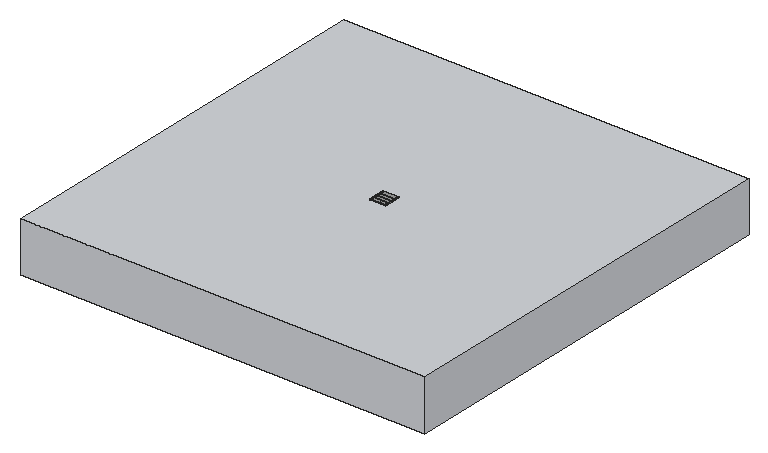
Revit family "Gira_503405", category Elektroinstallationen, Revit 2017
Family settings
  Basisbauteil = Fläche
  Beschriftungsausrichtung beibehalten = Nein
  Bemaßung runder Anschluss = Durchmesser verwenden
  Teiletyp = Normal
  Beim Laden mit Abzugskörper schneiden = Nein
  Gemeinsam genutzt = Nein
  Raumberechnungspunkt = Nein
Parameters (values of type "Wippenset 4f indiv. Tastsens.4 TS4 G Schwarz")
  Werkstoffgüte = ""
  Werkstoff Text = "Glas"
  Default Elevation = 1219.2 mm
  URL = "https://www.gira.de/"
  Typname = "Wippenset 4f indiv. Tastsens.4 TS4 G Schwarz"
  Type Comments = ""
  Transparent = no
  Produktseite = "https://media.stage.bim.site/t/eyJhbGciOiJIUzI1NiIsInR5cCI6IkpXVCJ9.eyJjdCI6MiwidHUiOiJodHRwOi8va2F0YWxvZy5naXJhLmRlL2RlX0RFL2RhdGVuYmxhdHQuaHRtbD9hcnRpa2VsbnI9NTAzNDA1IiwiY2lkIjoiMzI3N2NjMjMtODFhOS00ZWUzLWE5MGEtYjQ3YmI0YzBiNjE2IiwicmlkIjoiMzkxNTU0MGZiYTk0ZDk2NjU2NmMxYmNiZGQ0NmI3ZWMiLCJwaWQiOiI5M2VjM2YxMTFiNzU1OGJjNGIyYWNiMDg2Y2U2ZTYyYjEyMjU2NTNiIiwic2lkIjoiNjM0NzAiLCJ1dCI6MSwibGMiOiJkZSIsImlhdCI6MTYwMDk0NDcyNywiaXNzIjoiaHR0cHM6Ly9hcGkubGl2ZS5iaW0uc2l0ZSIsInN1YiI6ImFkbWluQGJpbXNpdGUuZGV2In0.PKPuhq2tt2nhobHFu0u1G0cvXvEqpjkP95PMf_-8Cjw"
  Model = ""
  Cost = 0
  Hersteller = "Gira"
  HeinzeBIM = "https://www.heinze.de/bim/wippenset-4f-indiv-tastsens-4-ts4-g-schwarz/93ec3f111b7558bc4b2acb086ce6e62b1225653b"
  HAN = "503405"
  GTIN = "4010337072522"
  Funk bidirektional = no
  Farbe = "schwarz"
  Datenblatt 1 = "https://media.stage.bim.site/t/eyJhbGciOiJIUzI1NiIsInR5cCI6IkpXVCJ9.eyJjdCI6MSwidGYiOiJwdWJsaWMvZ2lyYS9hZThjNTU3LzUwMzQwNS50eHQiLCJjaWQiOiIzMjc3Y2MyMy04MWE5LTRlZTMtYTkwYS1iNDdiYjRjMGI2MTYiLCJyaWQiOiIzOTE1NTQwZmJhOTRkOTY2NTY2YzFiY2JkZDQ2YjdlYyIsInBpZCI6IjkzZWMzZjExMWI3NTU4YmM0YjJhY2IwODZjZTZlNjJiMTIyNTY1M2IiLCJzaWQiOiI2MzQ3MCIsInV0IjoxLCJsYyI6ImRlIiwiaWF0IjoxNjAwOTQ0NzI3LCJpc3MiOiJodHRwczovL2FwaS5saXZlLmJpbS5zaXRlIiwic3ViIjoiYWRtaW5AYmltc2l0ZS5kZXYifQ.boJHVtts9Jz_5tC1ThdhsN7-jrAWWBLyn1speeY4MK8/503405.txt"
  Datenblatt = "https://media.stage.bim.site/t/eyJhbGciOiJIUzI1NiIsInR5cCI6IkpXVCJ9.eyJjdCI6MSwidHUiOiJodHRwczovL2thdGFsb2cuZ2lyYS5kZS9kZV9ERS9kb3dubG9hZC5odG1sP2FydGlrZWxucj01MDM0MDUiLCJjaWQiOiIzMjc3Y2MyMy04MWE5LTRlZTMtYTkwYS1iNDdiYjRjMGI2MTYiLCJyaWQiOiIzOTE1NTQwZmJhOTRkOTY2NTY2YzFiY2JkZDQ2YjdlYyIsInBpZCI6IjkzZWMzZjExMWI3NTU4YmM0YjJhY2IwODZjZTZlNjJiMTIyNTY1M2IiLCJzaWQiOiI2MzQ3MCIsInV0IjoxLCJsYyI6ImRlIiwiaWF0IjoxNjAwOTQ0NzI3LCJpc3MiOiJodHRwczovL2FwaS5saXZlLmJpbS5zaXRlIiwic3ViIjoiYWRtaW5AYmltc2l0ZS5kZXYifQ.u3_DVPr1_36TSh1zyzJ5xiJ4_T5JSnu8tTxtY_2l7w0"
  Bussystem Powernet = no
  Bussystem LON = no
  Bussystem KNX-Funk = no
  Bussystem KNX = yes
  Bussystem Funkbus = no
  Beschreibung = "Wippenset 4fach individuell für Tastsensor 4  Glas Schwarz Hinweise :  Beschreibbare Wippensets können mit einer individuellen Beschriftung versehen werden. Die Bestellung wird über den Großhandel abgewickelt, der beim Bestellvorgang der Wippen angegeben wurde.  Dieses Produkt kann ausschließlich über den Gira Beschriftungsservice bestellt werden.  Professionelle Beschriftung über den Gira Beschriftungsservice www.beschriftung.gira.de."
  Assembly Code = ""
  Keynote = ""
  BIMSITE_PRODUCT_ID = "93ec3f111b7558bc4b2acb086ce6e62b1225653b"
  BIM = "https://media.stage.bim.site/t/eyJhbGciOiJIUzI1NiIsInR5cCI6IkpXVCJ9.eyJjdCI6MSwidGYiOiJwdWJsaWMvZ2lyYS9hZThjNTU3LzQwXzUwMjQwMCBUUzQgV2lwcGVuc2V0IDRmYWNoLnJmYSIsImNpZCI6IjMyNzdjYzIzLTgxYTktNGVlMy1hOTBhLWI0N2JiNGMwYjYxNiIsInJpZCI6IjM5MTU1NDBmYmE5NGQ5NjY1NjZjMWJjYmRkNDZiN2VjIiwicGlkIjoiOTNlYzNmMTExYjc1NThiYzRiMmFjYjA4NmNlNmU2MmIxMjI1NjUzYiIsInNpZCI6IjYzNDcwIiwidXQiOjUsImxjIjoiZGUiLCJpYXQiOjE2MDA5NDQ3MjcsImlzcyI6Imh0dHBzOi8vYXBpLmxpdmUuYmltLnNpdGUiLCJzdWIiOiJhZG1pbkBiaW1zaXRlLmRldiJ9.spRQh8e-sfSwUPjHyUoRJ-RO3sSQJm8c52A0plUHZxo/40_502400 TS4 Wippenset 4fach.rfa"
  Andere Bussysteme = "ohne"
Reference planes
  plane 1 "Center (Front/Back)": y = 0
  plane 2: z = 0
  plane 3 "Center (Left/Right)": x = 0
Forms (mm)
  Extrusion 1, solid
    sketch origin (0, 0, 0) x (1, 0, 0) y (0, 1, 0)
      loop
        line (-1219.2, 1219.2) -> (-1219.2, -1219.2) -> (1219.2, -1219.2) -> (1219.2, 1219.2) -> (-1219.2, 1219.2)
    from 0 to -304.8
Dimensions and locks
  aligned and locked: plane 2 to Extrusion 1
  aligned and locked: level to Extrusion 1
Nested families
  nested 1: "40_502100 TS4 Wippenset 4fach" at (0, 0, 0), type "40_502100 TS4 Wippenset 4fach"
Definition of nested family "40_502100 TS4 Wippenset 4fach"
  Parameters
    White = none
  Reference planes
    plane 1 "Center (Front/Back)": y = 0
    plane 2: z = 0
    plane 3 "Center (Left/Right)": x = 0
  Forms (mm)
    Extrusion 1, solid, material <- "White", detail levels fine
      sketch origin (0, 0, 0) x (1, 0, 0) y (0, 1, 0)
        loop
          arc (-46.5, 47.5) -> (-47.207, 47.207) -> (-47.5, 46.5) r 1
          line (-47.5, 46.5) -> (-47.5, 36.7) -> (-42.5, 36.7)
          arc (-42.5, 36.7) -> (-41.5, 35.7) -> (-42.5, 34.7) r 1
          line (-42.5, 34.7) -> (-47.5, 34.7) -> (-47.5, 24.95)
          arc (-47.5, 24.95) -> (-47.207, 24.243) -> (-46.5, 23.95) r 1
          line (-46.5, 23.95) -> (46.5, 23.95)
          arc (46.5, 23.95) -> (47.207, 24.243) -> (47.5, 24.95) r 1
          line (47.5, 24.95) -> (47.5, 34.7) -> (42.5, 34.7)
          arc (42.5, 34.7) -> (41.5, 35.7) -> (42.5, 36.7) r 1
          line (42.5, 36.7) -> (47.5, 36.7) -> (47.5, 46.5)
          arc (47.5, 46.5) -> (47.207, 47.207) -> (46.5, 47.5) r 1
          line (46.5, 47.5) -> (-46.5, 47.5)
      from 0 to 3.1
    Extrusion 2, solid, material <- "White", detail levels fine
      sketch origin (0, 0, 0) x (1, 0, 0) y (0, 1, 0)
        loop
          line (43.976, 44.188) -> (-43.976, 44.188) -> (-43.976, 27.198) -> (43.976, 27.198) -> (43.976, 44.188)
      from 0 to -1.5
    Extrusion 3, solid, detail levels fine
      sketch origin (0, 0, 0) x (1, 0, 0) y (0, 0, -1)
        loop
          line (-1.639, 4) -> (-2.5, 4) -> (-3.5, 1.5) -> (3.5, 1.5) -> (2.5, 4) -> (1.639, 4)
          arc (1.639, 4) -> (1.115, 3.694) -> (1.122, 3.087) r 0.603
          arc (1.122, 3.087) -> (-0.011, 1.666) -> (-1.122, 3.087) r 1.145
          arc (-1.122, 3.087) -> (-1.115, 3.694) -> (-1.639, 4) r 0.603
      from 41.985 to 44.199
    Extrusion 4, solid, material <- "White", detail levels medium
      sketch origin (0, 0, 0) x (1, 0, 0) y (0, 1, 0)
        loop
          line (43.976, 44.188) -> (-43.976, 44.188) -> (-43.976, 27.198) -> (43.976, 27.198) -> (43.976, 44.188)
      from 0 to -4
    Extrusion 5, solid, material <- "White", detail levels medium
      sketch origin (0, 0, 0) x (1, 0, 0) y (0, 1, 0)
        loop
          line (-47.5, 47.5) -> (-47.5, 23.95) -> (47.5, 23.95) -> (47.5, 47.5) -> (-47.5, 47.5)
      from 0 to 3.3
    Extrusion 6, solid, material <- "White", detail levels fine
      sketch origin (0, 0, 0) x (1, 0, 0) y (0, 1, 0)
        loop
          line (-43.976, 44.188) -> (-43.976, 40.908) -> (-42.655, 40.908) -> (-42.655, 44.188) -> (-43.976, 44.188)
        loop
          line (43.976, 44.188) -> (42.655, 44.188) -> (42.655, 40.908) -> (43.976, 40.908) -> (43.976, 44.188)
        loop
          line (-43.976, 27.198) -> (-42.655, 27.198) -> (-42.655, 30.479) -> (-43.976, 30.479) -> (-43.976, 27.198)
        loop
          line (43.976, 27.198) -> (43.976, 30.479) -> (42.655, 30.479) -> (42.655, 27.198) -> (43.976, 27.198)
      from 0 to -4
    Extrusion 7, solid, detail levels fine
      sketch origin (0, 35.7, 0) x (1, 0, 0) y (0, 1, 0)
        loop
          line (-47.5, 1) -> (-47.5, -1) -> (-42.5, -1)
          arc (-42.5, -1) -> (-41.5, 0) -> (-42.5, 1) r 1
          line (-42.5, 1) -> (-47.5, 1)
        loop
          line (47.5, 1) -> (42.5, 1)
          arc (42.5, 1) -> (41.5, 0) -> (42.5, -1) r 1
          line (42.5, -1) -> (47.5, -1) -> (47.5, 1)
      from 0 to 3.3
    Extrusion 8, solid, detail levels coarse
      sketch origin (0, 0, 0) x (1, 0, 0) y (0, 1, 0)
        loop
          line (-47.5, 47.5) -> (-47.5, -47.45) -> (47.5, -47.45) -> (47.5, 47.5) -> (-47.5, 47.5)
      from -4 to 3.3
    Extrusion 9, solid, material <- "White", detail levels fine
      sketch origin (0, 35.735, 0) x (1, 0, 0) y (0, 1, 0)
        loop
          line (-41.852, 6.181) -> (-43.976, 4.461) -> (-43.976, -4.461) -> (-41.852, -6.181)
          arc (-41.852, -6.181) -> (-38.884, -6.014) -> (-38.763, -3.043) r 2.212
          line (-38.763, -3.043) -> (-38.763, 3.043)
          arc (-38.763, 3.043) -> (-38.884, 6.014) -> (-41.852, 6.181) r 2.212
        loop
          arc (-39.415, 3.847) -> (-39.669, 5.38) -> (-41.223, 5.404) r 1.212
          line (-41.223, 5.404) -> (-42.938, 4.015) -> (-40.57, 1.883) -> (-39.415, 3.847)
        loop
          line (-39.415, -3.847) -> (-40.57, -1.883) -> (-42.938, -4.015) -> (-41.223, -5.404)
          arc (-41.223, -5.404) -> (-39.669, -5.38) -> (-39.415, -3.847) r 1.212
        loop
          arc (41.852, 6.181) -> (38.884, 6.014) -> (38.763, 3.043) r 2.212
          line (38.763, 3.043) -> (38.763, -3.043)
          arc (38.763, -3.043) -> (38.884, -6.014) -> (41.852, -6.181) r 2.212
          line (41.852, -6.181) -> (43.976, -4.461) -> (43.976, 4.461) -> (41.852, 6.181)
        loop
          line (39.415, 3.847) -> (40.57, 1.883) -> (42.938, 4.015) -> (41.223, 5.404)
          arc (41.223, 5.404) -> (39.669, 5.38) -> (39.415, 3.847) r 1.212
        loop
          arc (39.415, -3.847) -> (39.669, -5.38) -> (41.223, -5.404) r 1.212
          line (41.223, -5.404) -> (42.938, -4.015) -> (40.57, -1.883) -> (39.415, -3.847)
      from 0 to -3.1
    Extrusion 10, solid, material <- "White", detail levels fine
      sketch origin (0, -23.8, 0) x (1, 0, 0) y (0, 1, 0)
        loop
          arc (-46.5, 47.5) -> (-47.207, 47.207) -> (-47.5, 46.5) r 1
          line (-47.5, 46.5) -> (-47.5, 36.7) -> (-42.5, 36.7)
          arc (-42.5, 36.7) -> (-41.5, 35.7) -> (-42.5, 34.7) r 1
          line (-42.5, 34.7) -> (-47.5, 34.7) -> (-47.5, 24.95)
          arc (-47.5, 24.95) -> (-47.207, 24.243) -> (-46.5, 23.95) r 1
          line (-46.5, 23.95) -> (46.5, 23.95)
          arc (46.5, 23.95) -> (47.207, 24.243) -> (47.5, 24.95) r 1
          line (47.5, 24.95) -> (47.5, 34.7) -> (42.5, 34.7)
          arc (42.5, 34.7) -> (41.5, 35.7) -> (42.5, 36.7) r 1
          line (42.5, 36.7) -> (47.5, 36.7) -> (47.5, 46.5)
          arc (47.5, 46.5) -> (47.207, 47.207) -> (46.5, 47.5) r 1
          line (46.5, 47.5) -> (-46.5, 47.5)
      from 0 to 3.1
    Extrusion 11, solid, material <- "White", detail levels fine
      sketch origin (0, -23.8, 0) x (1, 0, 0) y (0, 1, 0)
        loop
          line (43.976, 44.188) -> (-43.976, 44.188) -> (-43.976, 27.198) -> (43.976, 27.198) -> (43.976, 44.188)
      from 0 to -1.5
    Extrusion 12, solid, detail levels fine
      sketch origin (0, -23.8, 0) x (1, 0, 0) y (0, 0, -1)
        loop
          line (-1.639, 4) -> (-2.5, 4) -> (-3.5, 1.5) -> (3.5, 1.5) -> (2.5, 4) -> (1.639, 4)
          arc (1.639, 4) -> (1.115, 3.694) -> (1.122, 3.087) r 0.603
          arc (1.122, 3.087) -> (-0.011, 1.666) -> (-1.122, 3.087) r 1.145
          arc (-1.122, 3.087) -> (-1.115, 3.694) -> (-1.639, 4) r 0.603
      from 41.985 to 44.199
    Extrusion 13, solid, material <- "White", detail levels medium
      sketch origin (0, -23.8, 0) x (1, 0, 0) y (0, 1, 0)
        loop
          line (43.976, 44.188) -> (-43.976, 44.188) -> (-43.976, 27.198) -> (43.976, 27.198) -> (43.976, 44.188)
      from 0 to -4
    Extrusion 14, solid, material <- "White", detail levels medium
      sketch origin (0, -23.8, 0) x (1, 0, 0) y (0, 1, 0)
        loop
          line (-47.5, 47.5) -> (-47.5, 23.95) -> (47.5, 23.95) -> (47.5, 47.5) -> (-47.5, 47.5)
      from 0 to 3.3
    Extrusion 15, solid, material <- "White", detail levels fine
      sketch origin (0, -23.8, 0) x (1, 0, 0) y (0, 1, 0)
        loop
          line (-43.976, 44.188) -> (-43.976, 40.908) -> (-42.655, 40.908) -> (-42.655, 44.188) -> (-43.976, 44.188)
        loop
          line (43.976, 44.188) -> (42.655, 44.188) -> (42.655, 40.908) -> (43.976, 40.908) -> (43.976, 44.188)
        loop
          line (-43.976, 27.198) -> (-42.655, 27.198) -> (-42.655, 30.479) -> (-43.976, 30.479) -> (-43.976, 27.198)
        loop
          line (43.976, 27.198) -> (43.976, 30.479) -> (42.655, 30.479) -> (42.655, 27.198) -> (43.976, 27.198)
      from 0 to -4
    Extrusion 16, solid, detail levels fine
      sketch origin (0, 11.9, 0) x (1, 0, 0) y (0, 1, 0)
        loop
          line (-47.5, 1) -> (-47.5, -1) -> (-42.5, -1)
          arc (-42.5, -1) -> (-41.5, 0) -> (-42.5, 1) r 1
          line (-42.5, 1) -> (-47.5, 1)
        loop
          line (47.5, 1) -> (42.5, 1)
          arc (42.5, 1) -> (41.5, 0) -> (42.5, -1) r 1
          line (42.5, -1) -> (47.5, -1) -> (47.5, 1)
      from 0 to 3.3
    Extrusion 17, solid, material <- "White", detail levels fine
      sketch origin (0, 11.935, 0) x (1, 0, 0) y (0, 1, 0)
        loop
          line (-41.852, 6.181) -> (-43.976, 4.461) -> (-43.976, -4.461) -> (-41.852, -6.181)
          arc (-41.852, -6.181) -> (-38.884, -6.014) -> (-38.763, -3.043) r 2.212
          line (-38.763, -3.043) -> (-38.763, 3.043)
          arc (-38.763, 3.043) -> (-38.884, 6.014) -> (-41.852, 6.181) r 2.212
        loop
          arc (-39.415, 3.847) -> (-39.669, 5.38) -> (-41.223, 5.404) r 1.212
          line (-41.223, 5.404) -> (-42.938, 4.015) -> (-40.57, 1.883) -> (-39.415, 3.847)
        loop
          line (-39.415, -3.847) -> (-40.57, -1.883) -> (-42.938, -4.015) -> (-41.223, -5.404)
          arc (-41.223, -5.404) -> (-39.669, -5.38) -> (-39.415, -3.847) r 1.212
        loop
          arc (41.852, 6.181) -> (38.884, 6.014) -> (38.763, 3.043) r 2.212
          line (38.763, 3.043) -> (38.763, -3.043)
          arc (38.763, -3.043) -> (38.884, -6.014) -> (41.852, -6.181) r 2.212
          line (41.852, -6.181) -> (43.976, -4.461) -> (43.976, 4.461) -> (41.852, 6.181)
        loop
          line (39.415, 3.847) -> (40.57, 1.883) -> (42.938, 4.015) -> (41.223, 5.404)
          arc (41.223, 5.404) -> (39.669, 5.38) -> (39.415, 3.847) r 1.212
        loop
          arc (39.415, -3.847) -> (39.669, -5.38) -> (41.223, -5.404) r 1.212
          line (41.223, -5.404) -> (42.938, -4.015) -> (40.57, -1.883) -> (39.415, -3.847)
      from 0 to -3.1
    Extrusion 18, solid, material <- "White", detail levels fine
      sketch origin (0, -47.65, 0) x (1, 0, 0) y (0, 1, 0)
        loop
          arc (-46.5, 47.5) -> (-47.207, 47.207) -> (-47.5, 46.5) r 1
          line (-47.5, 46.5) -> (-47.5, 36.7) -> (-42.5, 36.7)
          arc (-42.5, 36.7) -> (-41.5, 35.7) -> (-42.5, 34.7) r 1
          line (-42.5, 34.7) -> (-47.5, 34.7) -> (-47.5, 24.95)
          arc (-47.5, 24.95) -> (-47.207, 24.243) -> (-46.5, 23.95) r 1
          line (-46.5, 23.95) -> (46.5, 23.95)
          arc (46.5, 23.95) -> (47.207, 24.243) -> (47.5, 24.95) r 1
          line (47.5, 24.95) -> (47.5, 34.7) -> (42.5, 34.7)
          arc (42.5, 34.7) -> (41.5, 35.7) -> (42.5, 36.7) r 1
          line (42.5, 36.7) -> (47.5, 36.7) -> (47.5, 46.5)
          arc (47.5, 46.5) -> (47.207, 47.207) -> (46.5, 47.5) r 1
          line (46.5, 47.5) -> (-46.5, 47.5)
      from 0 to 3.1
    Extrusion 19, solid, material <- "White", detail levels fine
      sketch origin (0, -47.65, 0) x (1, 0, 0) y (0, 1, 0)
        loop
          line (43.976, 44.188) -> (-43.976, 44.188) -> (-43.976, 27.198) -> (43.976, 27.198) -> (43.976, 44.188)
      from 0 to -1.5
    Extrusion 20, solid, detail levels fine
      sketch origin (0, -47.65, 0) x (1, 0, 0) y (0, 0, -1)
        loop
          line (-1.639, 4) -> (-2.5, 4) -> (-3.5, 1.5) -> (3.5, 1.5) -> (2.5, 4) -> (1.639, 4)
          arc (1.639, 4) -> (1.115, 3.694) -> (1.122, 3.087) r 0.603
          arc (1.122, 3.087) -> (-0.011, 1.666) -> (-1.122, 3.087) r 1.145
          arc (-1.122, 3.087) -> (-1.115, 3.694) -> (-1.639, 4) r 0.603
      from 41.985 to 44.199
    Extrusion 21, solid, material <- "White", detail levels medium
      sketch origin (0, -47.65, 0) x (1, 0, 0) y (0, 1, 0)
        loop
          line (43.976, 44.188) -> (-43.976, 44.188) -> (-43.976, 27.198) -> (43.976, 27.198) -> (43.976, 44.188)
      from 0 to -4
    Extrusion 22, solid, material <- "White", detail levels medium
      sketch origin (0, -47.65, 0) x (1, 0, 0) y (0, 1, 0)
        loop
          line (-47.5, 47.5) -> (-47.5, 23.95) -> (47.5, 23.95) -> (47.5, 47.5) -> (-47.5, 47.5)
      from 0 to 3.3
    Extrusion 23, solid, material <- "White", detail levels fine
      sketch origin (0, -47.65, 0) x (1, 0, 0) y (0, 1, 0)
        loop
          line (-43.976, 44.188) -> (-43.976, 40.908) -> (-42.655, 40.908) -> (-42.655, 44.188) -> (-43.976, 44.188)
        loop
          line (43.976, 44.188) -> (42.655, 44.188) -> (42.655, 40.908) -> (43.976, 40.908) -> (43.976, 44.188)
        loop
          line (-43.976, 27.198) -> (-42.655, 27.198) -> (-42.655, 30.479) -> (-43.976, 30.479) -> (-43.976, 27.198)
        loop
          line (43.976, 27.198) -> (43.976, 30.479) -> (42.655, 30.479) -> (42.655, 27.198) -> (43.976, 27.198)
      from 0 to -4
    Extrusion 24, solid, detail levels fine
      sketch origin (0, -11.95, 0) x (1, 0, 0) y (0, 1, 0)
        loop
          line (-47.5, 1) -> (-47.5, -1) -> (-42.5, -1)
          arc (-42.5, -1) -> (-41.5, 0) -> (-42.5, 1) r 1
          line (-42.5, 1) -> (-47.5, 1)
        loop
          line (47.5, 1) -> (42.5, 1)
          arc (42.5, 1) -> (41.5, 0) -> (42.5, -1) r 1
          line (42.5, -1) -> (47.5, -1) -> (47.5, 1)
      from 0 to 3.3
    Extrusion 25, solid, material <- "White", detail levels fine
      sketch origin (0, -11.915, 0) x (1, 0, 0) y (0, 1, 0)
        loop
          line (-41.852, 6.181) -> (-43.976, 4.461) -> (-43.976, -4.461) -> (-41.852, -6.181)
          arc (-41.852, -6.181) -> (-38.884, -6.014) -> (-38.763, -3.043) r 2.212
          line (-38.763, -3.043) -> (-38.763, 3.043)
          arc (-38.763, 3.043) -> (-38.884, 6.014) -> (-41.852, 6.181) r 2.212
        loop
          arc (-39.415, 3.847) -> (-39.669, 5.38) -> (-41.223, 5.404) r 1.212
          line (-41.223, 5.404) -> (-42.938, 4.015) -> (-40.57, 1.883) -> (-39.415, 3.847)
        loop
          line (-39.415, -3.847) -> (-40.57, -1.883) -> (-42.938, -4.015) -> (-41.223, -5.404)
          arc (-41.223, -5.404) -> (-39.669, -5.38) -> (-39.415, -3.847) r 1.212
        loop
          arc (41.852, 6.181) -> (38.884, 6.014) -> (38.763, 3.043) r 2.212
          line (38.763, 3.043) -> (38.763, -3.043)
          arc (38.763, -3.043) -> (38.884, -6.014) -> (41.852, -6.181) r 2.212
          line (41.852, -6.181) -> (43.976, -4.461) -> (43.976, 4.461) -> (41.852, 6.181)
        loop
          line (39.415, 3.847) -> (40.57, 1.883) -> (42.938, 4.015) -> (41.223, 5.404)
          arc (41.223, 5.404) -> (39.669, 5.38) -> (39.415, 3.847) r 1.212
        loop
          arc (39.415, -3.847) -> (39.669, -5.38) -> (41.223, -5.404) r 1.212
          line (41.223, -5.404) -> (42.938, -4.015) -> (40.57, -1.883) -> (39.415, -3.847)
      from 0 to -3.1
    Extrusion 26, solid, material <- "White", detail levels fine
      sketch origin (0, -71.4, 0) x (1, 0, 0) y (0, 1, 0)
        loop
          arc (-46.5, 47.5) -> (-47.207, 47.207) -> (-47.5, 46.5) r 1
          line (-47.5, 46.5) -> (-47.5, 36.7) -> (-42.5, 36.7)
          arc (-42.5, 36.7) -> (-41.5, 35.7) -> (-42.5, 34.7) r 1
          line (-42.5, 34.7) -> (-47.5, 34.7) -> (-47.5, 24.95)
          arc (-47.5, 24.95) -> (-47.207, 24.243) -> (-46.5, 23.95) r 1
          line (-46.5, 23.95) -> (46.5, 23.95)
          arc (46.5, 23.95) -> (47.207, 24.243) -> (47.5, 24.95) r 1
          line (47.5, 24.95) -> (47.5, 34.7) -> (42.5, 34.7)
          arc (42.5, 34.7) -> (41.5, 35.7) -> (42.5, 36.7) r 1
          line (42.5, 36.7) -> (47.5, 36.7) -> (47.5, 46.5)
          arc (47.5, 46.5) -> (47.207, 47.207) -> (46.5, 47.5) r 1
          line (46.5, 47.5) -> (-46.5, 47.5)
      from 0 to 3.1
    Extrusion 27, solid, material <- "White", detail levels fine
      sketch origin (0, -71.4, 0) x (1, 0, 0) y (0, 1, 0)
        loop
          line (43.976, 44.188) -> (-43.976, 44.188) -> (-43.976, 27.198) -> (43.976, 27.198) -> (43.976, 44.188)
      from 0 to -1.5
    Extrusion 28, solid, detail levels fine
      sketch origin (0, -71.4, 0) x (1, 0, 0) y (0, 0, -1)
        loop
          line (-1.639, 4) -> (-2.5, 4) -> (-3.5, 1.5) -> (3.5, 1.5) -> (2.5, 4) -> (1.639, 4)
          arc (1.639, 4) -> (1.115, 3.694) -> (1.122, 3.087) r 0.603
          arc (1.122, 3.087) -> (-0.011, 1.666) -> (-1.122, 3.087) r 1.145
          arc (-1.122, 3.087) -> (-1.115, 3.694) -> (-1.639, 4) r 0.603
      from 41.985 to 44.199
    Extrusion 29, solid, material <- "White", detail levels medium
      sketch origin (0, -71.4, 0) x (1, 0, 0) y (0, 1, 0)
        loop
          line (43.976, 44.188) -> (-43.976, 44.188) -> (-43.976, 27.198) -> (43.976, 27.198) -> (43.976, 44.188)
      from 0 to -4
    Extrusion 30, solid, material <- "White", detail levels medium
      sketch origin (0, -71.4, 0) x (1, 0, 0) y (0, 1, 0)
        loop
          line (-47.5, 47.5) -> (-47.5, 23.95) -> (47.5, 23.95) -> (47.5, 47.5) -> (-47.5, 47.5)
      from 0 to 3.3
    Extrusion 31, solid, material <- "White", detail levels fine
      sketch origin (0, -71.4, 0) x (1, 0, 0) y (0, 1, 0)
        loop
          line (-43.976, 44.188) -> (-43.976, 40.908) -> (-42.655, 40.908) -> (-42.655, 44.188) -> (-43.976, 44.188)
        loop
          line (43.976, 44.188) -> (42.655, 44.188) -> (42.655, 40.908) -> (43.976, 40.908) -> (43.976, 44.188)
        loop
          line (-43.976, 27.198) -> (-42.655, 27.198) -> (-42.655, 30.479) -> (-43.976, 30.479) -> (-43.976, 27.198)
        loop
          line (43.976, 27.198) -> (43.976, 30.479) -> (42.655, 30.479) -> (42.655, 27.198) -> (43.976, 27.198)
      from 0 to -4
    Extrusion 32, solid, detail levels fine
      sketch origin (0, -35.7, 0) x (1, 0, 0) y (0, 1, 0)
        loop
          line (-47.5, 1) -> (-47.5, -1) -> (-42.5, -1)
          arc (-42.5, -1) -> (-41.5, 0) -> (-42.5, 1) r 1
          line (-42.5, 1) -> (-47.5, 1)
        loop
          line (47.5, 1) -> (42.5, 1)
          arc (42.5, 1) -> (41.5, 0) -> (42.5, -1) r 1
          line (42.5, -1) -> (47.5, -1) -> (47.5, 1)
      from 0 to 3.3
    Extrusion 33, solid, material <- "White", detail levels fine
      sketch origin (0, -35.665, 0) x (1, 0, 0) y (0, 1, 0)
        loop
          line (-41.852, 6.181) -> (-43.976, 4.461) -> (-43.976, -4.461) -> (-41.852, -6.181)
          arc (-41.852, -6.181) -> (-38.884, -6.014) -> (-38.763, -3.043) r 2.212
          line (-38.763, -3.043) -> (-38.763, 3.043)
          arc (-38.763, 3.043) -> (-38.884, 6.014) -> (-41.852, 6.181) r 2.212
        loop
          arc (-39.415, 3.847) -> (-39.669, 5.38) -> (-41.223, 5.404) r 1.212
          line (-41.223, 5.404) -> (-42.938, 4.015) -> (-40.57, 1.883) -> (-39.415, 3.847)
        loop
          line (-39.415, -3.847) -> (-40.57, -1.883) -> (-42.938, -4.015) -> (-41.223, -5.404)
          arc (-41.223, -5.404) -> (-39.669, -5.38) -> (-39.415, -3.847) r 1.212
        loop
          arc (41.852, 6.181) -> (38.884, 6.014) -> (38.763, 3.043) r 2.212
          line (38.763, 3.043) -> (38.763, -3.043)
          arc (38.763, -3.043) -> (38.884, -6.014) -> (41.852, -6.181) r 2.212
          line (41.852, -6.181) -> (43.976, -4.461) -> (43.976, 4.461) -> (41.852, 6.181)
        loop
          line (39.415, 3.847) -> (40.57, 1.883) -> (42.938, 4.015) -> (41.223, 5.404)
          arc (41.223, 5.404) -> (39.669, 5.38) -> (39.415, 3.847) r 1.212
        loop
          arc (39.415, -3.847) -> (39.669, -5.38) -> (41.223, -5.404) r 1.212
          line (41.223, -5.404) -> (42.938, -4.015) -> (40.57, -1.883) -> (39.415, -3.847)
      from 0 to -3.1
    Extrusion 34, solid, detail levels fine
      sketch origin (0, 71.387, 0) x (1, 0, 0) y (0, 0, 1)
        loop
          arc (-1.639, -4) -> (-1.115, -3.694) -> (-1.122, -3.087) r 0.603
          arc (-1.122, -3.087) -> (-0.011, -1.666) -> (1.122, -3.087) r 1.145
          arc (1.122, -3.087) -> (1.115, -3.694) -> (1.639, -4) r 0.603
          line (1.639, -4) -> (2.5, -4) -> (3.5, -1.5) -> (-3.5, -1.5) -> (-2.5, -4) -> (-1.639, -4)
      from 41.985 to 44.199
    Extrusion 35, solid, detail levels fine
      sketch origin (0, 47.597, 0) x (1, 0, 0) y (0, 0, 1)
        loop
          arc (-1.639, -4) -> (-1.115, -3.694) -> (-1.122, -3.087) r 0.603
          arc (-1.122, -3.087) -> (-0.011, -1.666) -> (1.122, -3.087) r 1.145
          arc (1.122, -3.087) -> (1.115, -3.694) -> (1.639, -4) r 0.603
          line (1.639, -4) -> (2.5, -4) -> (3.5, -1.5) -> (-3.5, -1.5) -> (-2.5, -4) -> (-1.639, -4)
      from 41.985 to 44.199
    Extrusion 36, solid, detail levels fine
      sketch origin (0, 23.747, 0) x (1, 0, 0) y (0, 0, 1)
        loop
          arc (-1.639, -4) -> (-1.115, -3.694) -> (-1.122, -3.087) r 0.603
          arc (-1.122, -3.087) -> (-0.011, -1.666) -> (1.122, -3.087) r 1.145
          arc (1.122, -3.087) -> (1.115, -3.694) -> (1.639, -4) r 0.603
          line (1.639, -4) -> (2.5, -4) -> (3.5, -1.5) -> (-3.5, -1.5) -> (-2.5, -4) -> (-1.639, -4)
      from 41.985 to 44.199
    Extrusion 37, solid, detail levels fine
      sketch origin (0, -0.003, 0) x (1, 0, 0) y (0, 0, 1)
        loop
          arc (-1.639, -4) -> (-1.115, -3.694) -> (-1.122, -3.087) r 0.603
          arc (-1.122, -3.087) -> (-0.011, -1.666) -> (1.122, -3.087) r 1.145
          arc (1.122, -3.087) -> (1.115, -3.694) -> (1.639, -4) r 0.603
          line (1.639, -4) -> (2.5, -4) -> (3.5, -1.5) -> (-3.5, -1.5) -> (-2.5, -4) -> (-1.639, -4)
      from 41.985 to 44.199
  Cuts and joins
    joined: Extrusion 2, Extrusion 6, Extrusion 9
  Dimensions and locks
    aligned and locked: level to plane 2
